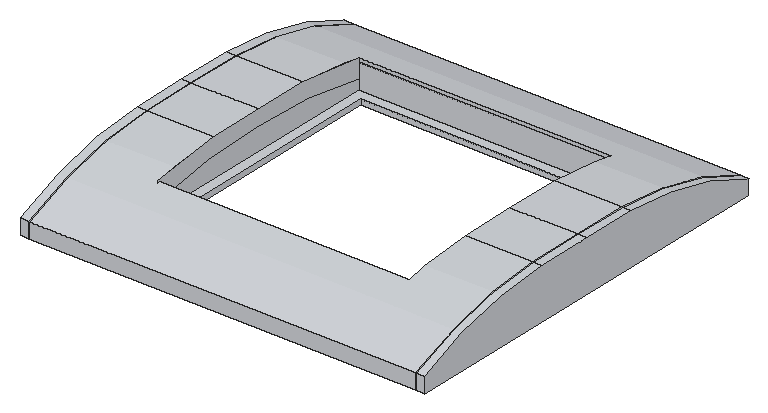
Revit family "Gira_100285", category Electrical Fixtures, host Face, Revit 2017
Family settings
  Host = Face
  Maintain Annotation Orientation = No
  Round Connector Dimension = Use Diameter
  Part Type = Normal
  Cut with Voids When Loaded = No
  Shared = No
  Room Calculation Point = No
Parameters (values of type "Cov.fr. 2-g w/o cb interm.fr. AN Gira Event Opaque mint")
  With mounting grid = "No"
  With hinged lid = "No"
  URL = "http://katalog.gira.de/en/datenblatt.html?artikelnr=100285"
  Type of fastening = "Clamp mounting"
  Transparent = "No"
  Surface protection = "Other"
  Suitable for wall duct = "No"
  Suitable for flush-mounted installation = "Yes"
  Suitable for floor box = "No"
  Suitable for built-in installation = "No"
  Number of units vertical = "2"
  Number of units horizontal = "2"
  Number of units = "2"
  Name = "Cov.fr. 2-g w/o cb interm.fr. AN Gira Event Opaque mint"
  Mounting direction = "Horizontal and vertical"
  Material quality = "Thermoplastic"
  Material = "Plastic"
  Manufacturer URL = "https://www.gira.de/"
  Manufacturer = "Gira"
  Label space/information surface = "No"
  Keynote = ""
  HeinzeBIM = "https://bimportal.heinze.de/bim/cov-fr-2-g-w-o-cb-interm-fr-an-gira-event-opaque-mint/95e6842771b0b3b41c0422442dc9fccbdfaf1a92"
  Halogen free = "Yes"
  HAN = "100285"
  GTIN = "4010337002857"
  Description = "Cov.fr.2g w o cb i.fr.AN EvOp MI,Gira Event Opaque frames,mint with anthracite intermediate frame,2-gang without crossbar,Features:,- Shatter-proof."
  Degree of protection (IP) = "IP20"
  Default Elevation = 1219.2 mm
  Data sheet (1) = "https://katalog.gira.de/en/download.html?artikelnr=100285"
  Colour = "Green"
  Category = "Cover frame for domestic switching devices"
  BIM (1) = "https://media.stage.bim.site/public/gira/36a6b08/Event_Rahmen_2fach o.Mittelsteg.rfa?public/gira/36a6b08/Event_Rahmen_2fach o.Mittelsteg.rfa"
  Available = "No"
Reference planes
  plane 1 "Center (Front/Back)": y = 0
  plane 2: z = 0
  plane 3 "Center (Left/Right)": x = 0
Forms (mm)
  Extrusion 1, solid, detail levels fine
    sketch origin (0, 0, 1.55) x (0, 1, 0) y (0, 0, 1)
      loop
        arc (12.445, 9.683) -> (6.223, 9.833) -> (0, 9.85) r 291.636
        arc (0, 9.85) -> (-6.223, 9.833) -> (-12.445, 9.683) r 291.636
        arc (-12.445, 9.683) -> (-29.14, 7.482) -> (-45, 1.823) r 79.728
        line (-45, 1.823) -> (-45, -1.55) -> (-41.777, -1.55) -> (-41.777, -0.55)
        arc (-41.777, -0.55) -> (-21.205, 4.846) -> (0, 6.467) r 118.15
        arc (0, 6.467) -> (21.205, 4.846) -> (41.777, -0.55) r 118.15
        line (41.777, -0.55) -> (41.777, -1.55) -> (45, -1.55) -> (45, 1.823)
        arc (45, 1.823) -> (29.14, 7.482) -> (12.445, 9.683) r 79.728
    from -43 to 43
  Extrusion 2, void, detail levels fine
    sketch origin (0, 0, 0) x (1, 0, 0) y (0, 1, 0)
      loop
        line (-28, -28) -> (28, -28) -> (28, 28) -> (-28, 28) -> (-28, -28)
    from 2.85 to 12
  Extrusion 3, solid, detail levels coarse
    sketch origin (0, 0, 0) x (1, 0, 0) y (0, 1, 0)
      loop
        line (-45, 45) -> (-45, -45) -> (45, -45) -> (45, 45) -> (-45, 45)
    from 0 to 11.4
  Extrusion 4, solid, detail levels medium
    sketch origin (0, 0, 1.55) x (0, 1, 0) y (0, 0, 1)
      loop
        arc (12.445, 9.683) -> (6.223, 9.833) -> (0, 9.85) r 291.636
        arc (0, 9.85) -> (-6.223, 9.833) -> (-12.445, 9.683) r 291.636
        arc (-12.445, 9.683) -> (-29.14, 7.482) -> (-45, 1.823) r 79.728
        line (-45, 1.823) -> (-45, -1.55) -> (45, -1.55) -> (45, 1.823)
        arc (45, 1.823) -> (29.14, 7.482) -> (12.445, 9.683) r 79.728
    from -45 to 45
  Extrusion 5, solid, detail levels fine
    sketch origin (0, 0, 0) x (0, 1, 0) y (0, 0, 1)
      loop
        arc (45, 3.373) -> (29.14, 9.032) -> (12.445, 11.233) r 79.728
        arc (12.445, 11.233) -> (6.223, 11.383) -> (0, 11.4) r 291.636
        arc (0, 11.4) -> (-6.223, 11.383) -> (-12.445, 11.233) r 291.636
        arc (-12.445, 11.233) -> (-29.14, 9.032) -> (-45, 3.373) r 79.728
        line (-45, 3.373) -> (-45, 0) -> (45, 0) -> (45, 3.373)
    from 43 to 45
  Extrusion 6, solid, detail levels fine
    sketch origin (0, 0, 0) x (0, 1, 0) y (0, 0, -1)
      loop
        line (45, -3.373) -> (45, 0) -> (-45, 0) -> (-45, -3.373)
        arc (-45, -3.373) -> (-29.14, -9.032) -> (-12.445, -11.233) r 79.728
        arc (-12.445, -11.233) -> (-6.223, -11.383) -> (0, -11.4) r 291.636
        arc (0, -11.4) -> (6.223, -11.383) -> (12.445, -11.233) r 291.636
        arc (12.445, -11.233) -> (29.14, -9.032) -> (45, -3.373) r 79.728
    from 43 to 45
  Extrusion 7, solid, detail levels fine
    sketch origin (0, 0, 0) x (1, 0, 0) y (0, 1, 0)
      loop
        line (-25.7, 25.7) -> (-25.7, -25.7) -> (25.7, -25.7) -> (25.7, 25.7) -> (-25.7, 25.7)
      loop
        line (-29.495, 27.895) -> (-29.495, -27.895)
        spline (-29.495, -27.895) -> (-29.486, -28.025) -> (-29.461, -28.154) -> (-29.419, -28.278) -> (-29.361, -28.395) -> (-29.288, -28.504) -> (-29.202, -28.602) -> (-29.104, -28.688) -> (-28.995, -28.761) -> (-28.878, -28.819) -> (-28.754, -28.861) -> (-28.625, -28.886) -> (-28.495, -28.895)
        line (-28.495, -28.895) -> (28.495, -28.895)
        spline (28.495, -28.895) -> (28.625, -28.886) -> (28.754, -28.861) -> (28.878, -28.819) -> (28.995, -28.761) -> (29.104, -28.688) -> (29.202, -28.602) -> (29.288, -28.504) -> (29.361, -28.395) -> (29.419, -28.278) -> (29.461, -28.154) -> (29.486, -28.025) -> (29.495, -27.895)
        line (29.495, -27.895) -> (29.495, 27.895)
        spline (29.495, 27.895) -> (29.486, 28.025) -> (29.461, 28.154) -> (29.419, 28.278) -> (29.361, 28.395) -> (29.288, 28.504) -> (29.202, 28.602) -> (29.104, 28.688) -> (28.995, 28.761) -> (28.878, 28.819) -> (28.754, 28.861) -> (28.625, 28.886) -> (28.495, 28.895)
        line (28.495, 28.895) -> (-28.495, 28.895)
        spline (-28.495, 28.895) -> (-28.625, 28.886) -> (-28.754, 28.861) -> (-28.878, 28.819) -> (-28.995, 28.761) -> (-29.104, 28.688) -> (-29.202, 28.602) -> (-29.288, 28.504) -> (-29.361, 28.395) -> (-29.419, 28.278) -> (-29.461, 28.154) -> (-29.486, 28.025) -> (-29.495, 27.895)
    from 1.673 to 8.5
Cuts and joins
  Extrusion 2 cuts Extrusion 1
  Extrusion 2 cuts Extrusion 7
Dimensions and locks
  aligned and locked: plane 2 to host face
  aligned and locked: level to host face
